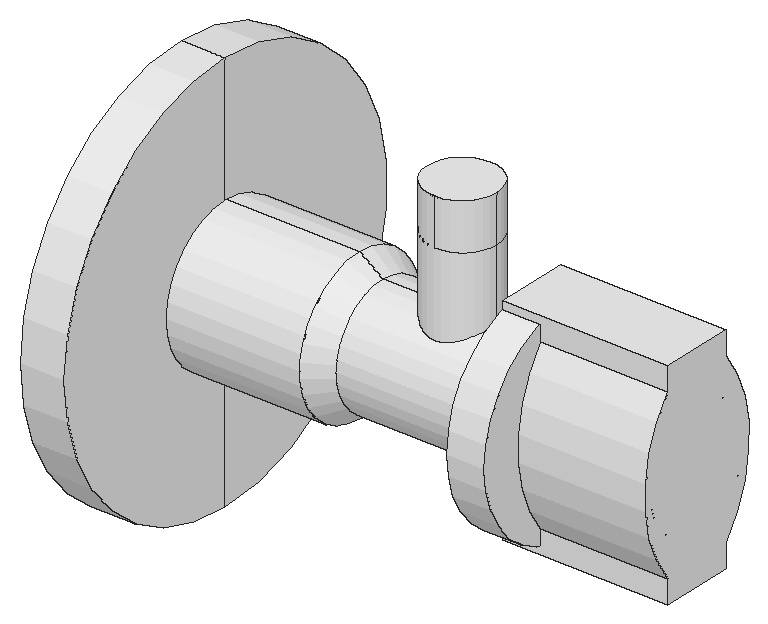
Revit family "Good-Valvula_Arco_Escuadra_A-80", category Pipe Accessories, Revit 2019
Family settings
  Round Connector Dimension = Use Radius
  Part Type = Valve - Normal
  OmniClass Number = 23.65.55.14.21
  OmniClass Title = Non-Return Valves for Liquid Services
  Work Plane-Based = No
  Always vertical = Yes
  Cut with Voids When Loaded = No
  Shared = No
Parameters (values of type "1/2M x 3/8M")
  URL = "www.valvulasarco.com"
  Radio Nominal 2 = Diámetro Nominal 2 / 2  # 4.75 mm
  Model = "NOV76MAC"
  Material = Jatón Europeo CW617N - Chromado
  Manufacturer = "Vávulas Arco S.L"  # constant formula
  Diámetro Nominal 2 = D  # 9.5 mm
  Description = "Llave escuadra A-80"  # constant formula
  Cost = 5.8
  Ancho Símbolo = 15.011 mm
  Radio Nominal 1 = Diámetro Nominal 1 / 2  # 6.35 mm
  Diámetro Nominal 1 = C  # 12.7 mm
  K Coefficient = 0.35
  D = 9.5 mm
  Altura = 24 mm
  C = 12.7 mm
  B = 48 mm
  A = 80 mm
Types (3, lengths in mm): name | Radio Nominal 2 | Model | Diámetro Nominal 2 | Cost | D
  (no name) | 4.75 | "NOV76MAC" | 9.5 | 5.8 | 9.5
  1/2M x 3/8M | 4.75 | "NOV76MAC" | 9.5 | 5.8 | 9.5
  1/2M x 1/2M | 6.35 | "NOV91MAC" | 12.7 | 6.2 | 12.7
Reference planes
  plane 1 "Center (Front/Back)": y = 0
  plane 2: z = 0
  plane 3 "Center (Left/Right)": x = 0
  plane 4: x = -48
  plane 5: x = 32
  plane 6: x = -38.35
  plane 7: z = 24
  plane 8: z = -6.35
  plane 9: x = -4.75
  plane 10: x = -8.75
  plane 11: y = 7.62
  plane 12: y = -7.62
  plane 13: y = 15.011
  plane 14: y = -15.011
  plane 15: z = -10.189
Forms (mm)
  Extrusion 1, solid, material "Jatón Europeo CW617N - Chromado" <- "Material", detail levels fine
    sketch origin (0, 0, 0) x (1, 0, 0) y (0, 1, 0)
      loop
        circle (0, 0) r 4.75
    from 17.694 to 24
  Revolve 2, solid, material "Jatón Europeo CW617N - Chromado" <- "Material", detail levels fine
    sketch origin (0, 0, 0) x (1, 0, 0) y (0, 0, 1)
      loop
        line (-14.015, -10.189) -> (-10.862, -7.981) -> (32, -7.981) -> (32, 0) -> (-48, 0) -> (-48, -6.35) -> (-38.35, -6.35) -> (-38.35, -10.189) -> (-14.015, -10.189)
      axis (-48, 0) -> (32, 0)
    angle from 0 to 360
  Revolve 3, solid, material "Plástico ABS  - Cromado", detail levels fine
    sketch origin (0, 0, 0) x (1, 0, 0) y (0, 0, 1)
      loop
        line (-32.351, -27.469) -> (-32.351, 0) -> (-38.35, 0) -> (-38.35, -27.469) -> (-32.351, -27.469)
      loop
        line (9.5, -14.533) -> (14.6, -14.533) -> (14.6, 0) -> (9.5, 0) -> (9.5, -14.533)
      axis (-38.35, 0) -> (14.6, 0)
    angle from 0 to 360
  Extrusion 4, solid, material "Plástico ABS  - Cromado", detail levels fine
    sketch origin (32, 552.765, 1219.2) x (0, 1, 0) y (0, 0, 1)
      loop
        line (-547.765, -1204.594) -> (-557.765, -1204.594) -> (-557.765, -1207.763)
        arc (-557.765, -1207.763) -> (-561.63, -1219.2) -> (-557.765, -1230.637) r 18.853
        line (-557.765, -1230.637) -> (-557.765, -1233.806) -> (-547.765, -1233.806) -> (-547.765, -1230.637)
        arc (-547.765, -1230.637) -> (-543.9, -1219.2) -> (-547.765, -1207.763) r 18.853
        line (-547.765, -1207.763) -> (-547.765, -1204.594)
    from 0 to -22.5
  Extrusion 5, solid, material "Jatón Europeo CW617N - Chromado" <- "Material", detail levels fine
    sketch origin (-80, 0, 0) x (1, 0, 0) y (0, 1, 0)
      loop
        circle (80, 0) r 4.75
    from 0 to 24
Lines and regions (mm)
  model lines, detail levels coarse+medium
    curve 1: line (-48, 15.011, 0) -> (32, -15.011, 0)
    curve 2: line (-48, 15.011, 0) -> (-48, -15.011, 0)
    curve 3: line (32, 15.011, 0) -> (32, -15.011, 0)
    curve 4: line (-48, -15.011, 0) -> (32, 15.011, 0)
Dimensions and locks
  "A": plane 4 to plane 5
  plane 4 to plane 6 = 9.65 mm
  "Altura": plane 7 to plane 2
  "Radio Nominal 1": plane 2 to plane 8
  "Radio Nominal 2": plane 3 "Center (Left/Right)" to plane 9
  locked: plane 11 to plane 1 "Center (Front/Back)" at 7.62
  locked: plane 1 "Center (Front/Back)" to plane 12 at 7.62
  "Ancho Símbolo": plane 13 to plane 1 "Center (Front/Back)"
  "Ancho Símbolo": plane 1 "Center (Front/Back)" to plane 14
  "B": plane 4 to plane 3 "Center (Left/Right)"
  locked: plane 8 to plane 15 at 3.839
  Revolve 2 sketch curve to Revolve 2 sketch curve to plane 6 = 3.153 mm locked, 24.335 mm locked
  plane 5 to Revolve 3 sketch curve to Revolve 3 sketch curve = 17.4 mm locked, 5.1 mm locked
  locked: Revolve 3 sketch curve to plane 6 at 5.999
  locked: plane 15 to Revolve 3 sketch curve at 17.28
  locked: plane 8 to Revolve 3 sketch curve at 8.183
  Extrusion 4 sketch curve to plane 2 to Extrusion 4 sketch curve = 14.606 mm locked, 14.606 mm locked
  Extrusion 4 sketch curve to Extrusion 4 sketch curve to plane 1 "Center (Front/Back)" to Extrusion 4 sketch curve to Extrusion 4 sketch curve = 4.987 mm locked, 5 mm locked, 5 mm locked, 4.987 mm locked
  locked: plane 9 to plane 10 at 4
  "Radio Nominal 2": radius of Extrusion 5 sketch curve
  "Radio Nominal 2": radius of Extrusion 1 sketch curve
  aligned and locked: plane 1 "Center (Front/Back)" to Extrusion 1 sketch curve
  aligned and locked: plane 3 "Center (Left/Right)" to Extrusion 1 sketch curve
  aligned and locked: plane 7 to Extrusion 1
  aligned and locked: plane 13 to curve 1
  aligned and locked: plane 14 to curve 1
  aligned and locked: plane 5 to curve 1
  aligned and locked: plane 14 to curve 2
  aligned and locked: curve 2 to plane 4
  aligned and locked: plane 13 to curve 3
  aligned and locked: curve 3 to plane 5
  aligned and locked: Revolve 2 sketch curve to plane 2
  aligned and locked: Revolve 2 sketch curve to Revolve 2 sketch curve
  aligned and locked: Revolve 2 sketch curve to plane 8
  aligned and locked: plane 4 to Revolve 2 sketch curve
  aligned and locked: Revolve 2 sketch curve to plane 6
  aligned and locked: Revolve 2 sketch curve to plane 15
  aligned and locked: plane 5 to Revolve 2 sketch curve
  aligned and locked: Revolve 3 sketch curve to plane 2
  aligned and locked: Revolve 3 sketch curve to Revolve 3 sketch curve  (x2)
  aligned and locked: plane 6 to Revolve 3 sketch curve
  aligned and locked: plane 2 to Extrusion 4 sketch curve  (x2)
  aligned and locked: Extrusion 4 sketch curve to Extrusion 4 sketch curve  (x2)
  aligned and locked: Extrusion 4 to plane 5
  aligned and locked: Extrusion 4 to Revolve 3
  aligned and locked: plane 1 "Center (Front/Back)" to Extrusion 5 sketch curve
  aligned and locked: plane 3 "Center (Left/Right)" to Extrusion 5 sketch curve
  aligned and locked: Extrusion 5 to plane 2
  aligned and locked: plane 7 to Extrusion 5
Automatic sketch dimensions
  Extrusion 4 sketch curve to plane 15 = 1.248 mm  (x2)
  Revolve 2 sketch curve to plane 8 = 1.631 mm
  Revolve 2 sketch curve to Revolve 2 sketch curve = 1476 mm
  plane 5 to Revolve 2 sketch curve = 1627.773 mm
  Revolve 3 sketch curve to plane 4 = 1476 mm
  plane 5 to Revolve 3 sketch curve = 1627.773 mm
Connectors
  piping at (-38.35, 0, 0), diameter 12.7, driven by "Radio Nominal 1"
    settings: on Revolve 2, index 1, connector inside diameter 609.6 mm, connector length 0 mm, flow factor 0, pipe flow 0.0 L/s, pressure drop 0.0 Pa, fitting loss kfactor 0, connector angle 0.00°, fixture units 0, engagement length 0 mm, angle of deflection 0.00°, flow configuration 0, flow direction 1, fitting loss method 0, system type 29, joint type 0, gender type 0, connector reference index 2, connector utility 0, adjustable connector no, is connector primary yes, connector description "Suministro"
  piping at (0, 0, 24), diameter 9.5, driven by "Radio Nominal 2"
    settings: on Extrusion 5, index 2, connector inside diameter 609.6 mm, connector length 0 mm, flow factor 0, pipe flow 0.0 L/s, pressure drop 0.0 Pa, fitting loss kfactor 0, connector angle 0.00°, fixture units 0, engagement length 0 mm, angle of deflection 0.00°, flow configuration 0, flow direction 2, fitting loss method 0, system type 29, joint type 0, gender type 0, connector reference index 1, connector utility 0, adjustable connector no, is connector primary no, connector description "Salida"
